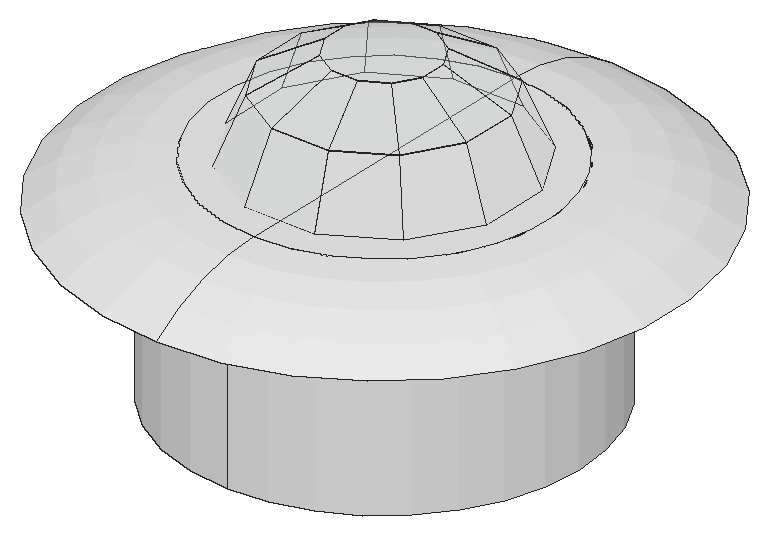
Revit family "Ceiling_Sensor-Low_Voltage_PIR-Hubbell_Wiring-LVPR1500R", category Lighting Devices, host Face, Revit 2015
Parameters (values of type "277V")
  Voltage = 277 V
  URL = "http://www.hubbell-wiring.com/"
  Type Comments = ""
  Time Delay = "Manual 30 seconds to 30 minutes\r"  # constant formula
  Storage Temperature = "-20°F to 150°F (-29°C to 65°C); 0% to 95%\r\nnon-condensing relative humidity"  # constant formula
  Sensitivity = "Manual, 0 to 100%"  # constant formula
  Product data url = "https://bimobject.com/hubbellwiring/product/hubbell-lvpr1500r"
  Product Page URL = "http://ecatalog.hubbell-wiring.com/productinformation/specsheets/3A/Live/PDF/LVPR1500R_cart.pdf"
  Product Documentation Link = "http://ecatalog.hubbell-wiring.com/productinformation/CustomerDrawingLibraryAssets/3A/1/M11072.pdf"
  Power Factor = 1
  PIR Motion [instance] = no
  Operating Temperature = "32°F to 104°F (0°C to 40°C) with rate of change not\r\nexceeding 20°F (11°C) per hour"  # constant formula
  Number of Poles = 1
  Mounting Height [instance] = 180.00"
  Model = "LVPR1500R"  # constant formula
  Manufacturer = "Hubbell Wiring Device-Kellems"  # constant formula
  Load Classification = Lighting
  Keynote = ""
  Glass = Plastic - Hubbell - Polyethylene
  Device Material = Plastic - Hubbell - White
  Description = "Low Profile, Line Voltage Passive Infrared - Adaptive Technology"  # constant formula
  Default Elevation = 48.00"
  Coverage = 360.00°  # constant formula
  Connector Description 2 = "Controls"
  Connector Description 1 = "Power Supply"
  Apparent Load = 1800.000 VA
  Ambient Light = "1 to 1000 foot candles"  # constant formula
Types (3): name | Voltage | Apparent Load
  120V | 120 V | 1000.000 VA
  277V | 277 V | 1800.000 VA
  347V | 347 V | 2200.000 VA
Reference planes (in)
  plane 1 "Center (Front/Back)": y = 0
  plane 2 "Bottom": z = 0
  plane 3 "Center (Left/Right)": x = 0
  plane 4: y = 1.75
  plane 5: y = -1.75
  plane 6: z = 0.25
  plane 7: y = 1
  plane 8: y = -1
  plane 9: z = -1.05
  plane 10: z = 0.83
  plane 11: y = 1.2
  plane 12: y = -1.2
  plane 13: y = 0.8
  plane 14: y = -0.8
  plane 15: z = 0.63
  plane 16: x = -0.8
  plane 17: x = 0.8
Forms (in)
  Revolve 1, solid, material "Plastic - Hubbell - White" <- "Device Material"
    sketch origin (0, 0, 0) x (0, 1, 0) y (0, 0, 1)
      loop
        line (0, 0) -> (1.75, 0)
        arc (1.75, 0) -> (1.39528, 0.18585) -> (1, 0.25) r 1.25
        line (1, 0.25) -> (0, 0.25) -> (0, 0)
      axis (0, 0.25) -> (0, 0)
    angle from 0 to 360
  Revolve 2, solid, material "Plastic - Hubbell - White" <- "Device Material"
    sketch origin (0, 0, 0) x (0, 1, 0) y (0, 0, 1)
      loop
        line (0, 0) -> (-1.2, 0) -> (-1.2, -1.05) -> (0, -1.05) -> (0, 0)
      axis (0, 0) -> (0, -1.05)
    angle from 0 to 360
  Blend 3, solid, material "Plastic - Hubbell - Polyethylene" <- "Glass"
    base sketch origin (0, 57.68752, 0.25) x (0, 1, 0) y (-1, 0, 0)
      loop
        line (-56.88752, 0.21436) -> (-57.10188, 0.58564) -> (-57.47316, 0.8) -> (-57.90188, 0.8) -> (-58.27316, 0.58564) -> (-58.48752, 0.21436) -> (-58.48752, -0.21436) -> (-58.27316, -0.58564) -> (-57.90188, -0.8) -> (-57.47316, -0.8) -> (-57.10188, -0.58564) -> (-56.88752, -0.21436) -> (-56.88752, 0.21436)
    top sketch origin (0, 57.68752, 0.25) x (0, 1, 0) y (-1, 0, 0)
      loop
        line (-57.04146, 0.17311) -> (-57.21457, 0.47295) -> (-57.51441, 0.64606) -> (-57.86063, 0.64606) -> (-58.16047, 0.47295) -> (-58.33358, 0.17311) -> (-58.33358, -0.17311) -> (-58.16047, -0.47295) -> (-57.86063, -0.64606) -> (-57.51441, -0.64606) -> (-57.21457, -0.47295) -> (-57.04146, -0.17311) -> (-57.04146, 0.17311)
    from 0 to 0.38
  Blend 4, solid, material "Plastic - Hubbell - Polyethylene" <- "Glass"
    base sketch origin (0, 57.68752, 0.25) x (0, 1, 0) y (-1, 0, 0)
      loop
        line (-57.04146, -0.17311) -> (-57.04146, 0.17311) -> (-57.21457, 0.47295) -> (-57.51441, 0.64606) -> (-57.86063, 0.64606) -> (-58.16047, 0.47295) -> (-58.33358, 0.17311) -> (-58.33358, -0.17311) -> (-58.16047, -0.47295) -> (-57.86063, -0.64606) -> (-57.51441, -0.64606) -> (-57.21457, -0.47295) -> (-57.04146, -0.17311)
    top sketch origin (0, 57.68752, 0.25) x (0, 1, 0) y (-1, 0, 0)
      loop
        line (-57.38556, 0.08091) -> (-57.46647, 0.22105) -> (-57.60661, 0.30196) -> (-57.76843, 0.30196) -> (-57.90857, 0.22105) -> (-57.98948, 0.08091) -> (-57.98948, -0.08091) -> (-57.90857, -0.22105) -> (-57.76843, -0.30196) -> (-57.60661, -0.30196) -> (-57.46647, -0.22105) -> (-57.38556, -0.08091) -> (-57.38556, 0.08091)
    from 0.38 to 0.58
Lines and regions (in)
  symbolic lines, style "LVPR1500R"
    curve 1: arc (0, -1.75, 0.25) -> (-1.75, 0, 0.25) -> (0, 1.75, 0.25) r 1.75
    curve 2: arc (0, 1.75, 0.25) -> (1.75, 0, 0.25) -> (0, -1.75, 0.25) r 1.75
  symbolic lines, style "LVPR1500R", detail levels medium+fine
    curve 3: line (-0.21436, 0.8, 0.25) -> (-0.58564, 0.58564, 0.25)
    curve 4: line (-0.58564, 0.58564, 0.25) -> (-0.8, 0.21436, 0.25)
    curve 5: line (-0.8, 0.21436, 0.25) -> (-0.8, -0.21436, 0.25)
    curve 6: line (-0.8, -0.21436, 0.25) -> (-0.58564, -0.58564, 0.25)
    curve 7: line (-0.58564, -0.58564, 0.25) -> (-0.21436, -0.8, 0.25)
    curve 8: line (-0.21436, -0.8, 0.25) -> (0.21436, -0.8, 0.25)
    curve 9: line (0.21436, -0.8, 0.25) -> (0.58564, -0.58564, 0.25)
    curve 10: line (0.58564, -0.58564, 0.25) -> (0.8, -0.21436, 0.25)
    curve 11: line (0.8, -0.21436, 0.25) -> (0.8, 0.21436, 0.25)
    curve 12: line (0.8, 0.21436, 0.25) -> (0.58564, 0.58564, 0.25)
    curve 13: line (0.58564, 0.58564, 0.25) -> (0.21436, 0.8, 0.25)
    curve 14: line (0.21436, 0.8, 0.25) -> (-0.21436, 0.8, 0.25)
    curve 15: line (-0.08091, 0.30196, 0.25) -> (-0.22105, 0.22105, 0.25)
    curve 16: line (-0.22105, 0.22105, 0.25) -> (-0.30196, 0.08091, 0.25)
    curve 17: line (-0.30196, 0.08091, 0.25) -> (-0.30196, -0.08091, 0.25)
    curve 18: line (-0.30196, -0.08091, 0.25) -> (-0.22105, -0.22105, 0.25)
    curve 19: line (-0.22105, -0.22105, 0.25) -> (-0.08091, -0.30196, 0.25)
    curve 20: line (-0.08091, -0.30196, 0.25) -> (0.08091, -0.30196, 0.25)
    curve 21: line (0.08091, -0.30196, 0.25) -> (0.22105, -0.22105, 0.25)
    curve 22: line (0.22105, -0.22105, 0.25) -> (0.30196, -0.08091, 0.25)
    curve 23: line (0.30196, -0.08091, 0.25) -> (0.30196, 0.08091, 0.25)
    curve 24: line (0.30196, 0.08091, 0.25) -> (0.22105, 0.22105, 0.25)
    curve 25: line (0.22105, 0.22105, 0.25) -> (0.08091, 0.30196, 0.25)
    curve 26: line (0.08091, 0.30196, 0.25) -> (-0.08091, 0.30196, 0.25)
Dimensions and locks (in)
  equal spacing: plane 4, plane 1 "Center (Front/Back)", plane 5
  plane 4 to plane 5 = 3.50"
  equal spacing: plane 7, plane 1 "Center (Front/Back)", plane 8
  plane 7 to plane 8 = 2.00"
  locked: plane 6 to plane 2 "Bottom" at 0.25
  locked: plane 2 "Bottom" to plane 9 at 1.05
  locked: plane 10 to plane 9 at 1.88
  equal spacing: plane 11, plane 1 "Center (Front/Back)", plane 12
  plane 11 to plane 12 = 2.40"
  locked: plane 1 "Center (Front/Back)" to plane 12 at 1.2
  locked: plane 1 "Center (Front/Back)" to plane 5 at 1.75
  locked: plane 1 "Center (Front/Back)" to plane 8 at 1
  equal spacing: plane 13, plane 1 "Center (Front/Back)", plane 14
  locked: plane 10 to plane 15 at 0.2
  locked: plane 1 "Center (Front/Back)" to plane 14 at 0.8
  equal spacing: plane 16, plane 3 "Center (Left/Right)", plane 17
  locked: plane 16 to plane 3 "Center (Left/Right)" at 0.8
  locked: Blend 3 sketch curve to plane 13 at 0.15394
  locked: plane 16 to Blend 3 sketch curve at 0.15394
  aligned and locked: plane 2 "Bottom" to host face
  aligned and locked: level to host face
  aligned and locked: plane 1 "Center (Front/Back)" to Revolve 1 sketch curve
  aligned and locked: plane 6 to Revolve 1 sketch curve  (x2)
  aligned and locked: Revolve 1 sketch curve to plane 1 "Center (Front/Back)"
  aligned and locked: plane 2 "Bottom" to Revolve 1 sketch curve  (x2)
  aligned and locked: plane 7 to Revolve 1 sketch curve
  aligned and locked: plane 4 to Revolve 1 sketch curve
  aligned and locked: plane 1 "Center (Front/Back)" to Revolve 2 sketch curve
  aligned and locked: Revolve 1 to Revolve 2 sketch curve
  aligned and locked: Revolve 2 sketch curve to plane 1 "Center (Front/Back)"
  aligned and locked: Revolve 2 sketch curve to plane 9
  aligned and locked: plane 12 to Revolve 2 sketch curve
  aligned and locked: Blend 3 sketch curve to plane 13
  aligned and locked: Blend 3 sketch curve to plane 17
  aligned and locked: plane 14 to Blend 3 sketch curve
  aligned and locked: plane 16 to Blend 3 sketch curve
  aligned and locked: plane 15 to Blend 3
  aligned and locked: Blend 4 sketch curve to Blend 3  (x12)
  aligned and locked: Blend 4 to plane 15
  aligned and locked: plane 10 to Blend 4
  aligned and locked: nested 1 to plane 3 "Center (Left/Right)"
  aligned and locked: plane 1 "Center (Front/Back)" to nested 1
  aligned and locked: plane 6 to nested 1
  aligned and locked: curve 1 to Revolve 1
  aligned and locked: curve 2 to Revolve 1
  aligned and locked: Blend 3 to curve 3
  aligned and locked: Blend 3 to curve 4
  aligned and locked: plane 13 to curve 14
  aligned and locked: Blend 3 to curve 13
  aligned and locked: Blend 3 to curve 12
  aligned and locked: Blend 3 to curve 11
  aligned and locked: Blend 3 to curve 10
  aligned and locked: Blend 3 to curve 9
  aligned and locked: Blend 3 to curve 8
  aligned and locked: Blend 3 to curve 7
  aligned and locked: Blend 3 to curve 6
  aligned and locked: Blend 3 to curve 5
  aligned and locked: Blend 4 to curve 26
  aligned and locked: Blend 4 to curve 15
  aligned and locked: Blend 4 to curve 16
  aligned and locked: Blend 4 to curve 17
  aligned and locked: Blend 4 to curve 18
  aligned and locked: Blend 4 to curve 19
  aligned and locked: Blend 4 to curve 20
  aligned and locked: Blend 4 to curve 21
  aligned and locked: Blend 4 to curve 22
  aligned and locked: Blend 4 to curve 23
  aligned and locked: Blend 4 to curve 24
  aligned and locked: Blend 4 to curve 25
  aligned and locked: Blend 3 to plane 6
Automatic sketch dimensions
  host sketch curve to host sketch curve = 96.00"  (x2)
  Revolve 1 sketch curve to Revolve 1 sketch curve = 0.10192"
  Revolve 1 sketch curve to Revolve 1 sketch curve = 3.29499"
  Revolve 2 sketch curve to Revolve 2 sketch curve = 2.37"
  plane 10 to Revolve 2 sketch curve = 1.00"
  Blend 3 sketch curve to plane 14 = 0.21436"  (x2)
  plane 1 "Center (Front/Back)" to Blend 3 sketch curve = 0.21436"  (x2)
  Blend 3 sketch curve to plane 1 "Center (Front/Back)" = 0.21436"  (x2)
  plane 13 to Blend 3 sketch curve = 0.21436"  (x2)
  plane 17 to Blend 3 sketch curve = 0.21436"  (x2)
  plane 3 "Center (Left/Right)" to Blend 3 sketch curve = 0.21436"  (x2)
  Blend 3 sketch curve to plane 3 "Center (Left/Right)" = 0.21436"  (x2)
  Blend 3 sketch curve to plane 16 = 0.21436"  (x2)
  plane 13 to Blend 3 sketch curve = 0.32705"  (x2)
  Blend 3 sketch curve to plane 1 "Center (Front/Back)" = 0.17311"  (x2)
  plane 1 "Center (Front/Back)" to Blend 3 sketch curve = 0.17311"  (x2)
  Blend 3 sketch curve to plane 14 = 0.32705"  (x2)
  Blend 3 sketch curve to plane 14 = 0.15394"
  plane 17 to Blend 3 sketch curve = 0.15394"
  plane 17 to Blend 3 sketch curve = 0.32705"  (x2)
  plane 3 "Center (Left/Right)" to Blend 3 sketch curve = 0.17311"  (x2)
  Blend 3 sketch curve to plane 3 "Center (Left/Right)" = 0.17311"  (x2)
  Blend 3 sketch curve to plane 16 = 0.32705"  (x2)
Nested families (in)
  nested 1: "Field of View" at (0, 0, 0.25), PIR Motion <- "PIR Motion", Mounting Height <- "Mounting Height", type "1500 sq.ft."
    with zz Length 1 180.00", PIR Motion no, Mounting Height 180.00"
Connectors (in)
  electrical at (0, 0, 0), driven by "Number of Poles", driven by "Load Classification", driven by "Voltage", driven by "Apparent Load", driven by "Power Factor", driven by "Connector Description 1"
    settings: on host face, index 1, voltage 277 V, apparent load 1800.000 VA, apparent load phase1 0.000 VA, apparent load phase2 0.000 VA, apparent load phase3 0.000 VA, power factor 1, load classification "Lighting", number of poles 1, system type 30, power factor state 1, is connector primary yes, connector utility no, sub classification motor no, connector description "Power Supply"
  electrical at (0, 0, -1.05), driven by "Connector Description 2"
    settings: on Revolve 2, index 2, voltage 0 V, apparent load 0.000 VA, apparent load phase1 0.000 VA, apparent load phase2 0.000 VA, apparent load phase3 0.000 VA, power factor 1, load classification "Other", number of poles 1, system type 13, power factor state 1, is connector primary no, connector utility no, sub classification motor no, connector description "Controls"
Definition of nested family "Field of View"
  Parameters
    zz Length 1 [instance] = if(Mounting Height < 108.00", 108.00", if(Mounting Height > 180.00", 180.00", Mounting Height))  # 108.00"
    PIR Motion [instance] = yes
    Mounting Height [instance] = 108.00"
  Reference planes (in)
    plane 1 "Center (Front/Back)": y = 0
    plane 2: z = 0
    plane 3 "Center (Left/Right)": x = 0
    plane 4: y = -1.74
    plane 5: y = 1.74
    plane 6: y = -230.38949
    plane 7: y = 230.38949
    plane 8: z = 108
    plane 9: y = 320.10137
    plane 10: y = -320.10137
  Forms (in)
    Revolve 1, solid, visible <- "PIR Motion"
      sketch origin (0, 0, 0) x (1, 0, 0) y (0, 0, 1)
        loop
          line (0, 108) -> (0, 0) -> (0.798, 0) -> (144, 108) -> (0, 108)
        axis (0, 0) -> (0, 108)
      angle from 0 to 360
    Revolve 2, solid, visible <- "PIR Motion"
      sketch origin (0, 0, 0) x (1, 0, 0) y (0, 0, 1)
        loop
          line (0, 0) -> (0.798, 0) -> (240, 108) -> (0, 108) -> (0, 0)
        axis (0, 0) -> (0, 108)
      angle from 0 to 360
  Dimensions and locks (in)
    equal spacing: plane 5, plane 1 "Center (Front/Back)", plane 4
    plane 4 to plane 1 "Center (Front/Back)" = 1.74"
    equal spacing: plane 6, plane 1 "Center (Front/Back)", plane 7
    "zz Length 1": plane 8 to plane 2
    plane 6 to plane 7 = 460.77899"
    plane 1 "Center (Front/Back)" to plane 7 = 230.38949"
    equal spacing: plane 10, plane 1 "Center (Front/Back)", plane 9
    plane 1 "Center (Front/Back)" to plane 9 = 320.10137"
    locked: Revolve 1 sketch curve to Revolve 1 sketch curve (angle 52.9772°)
    locked: Revolve 2 sketch curve to Revolve 2 sketch curve (angle 65.7008°)
    aligned and locked: plane 2 to level
    aligned and locked: Revolve 1 sketch curve to plane 3 "Center (Left/Right)"
    aligned and locked: Revolve 1 sketch curve to plane 8
    aligned and locked: Revolve 1 sketch curve to plane 2
    aligned and locked: plane 2 to Revolve 2 sketch curve
    aligned and locked: plane 3 "Center (Left/Right)" to Revolve 2 sketch curve  (x2)
    aligned and locked: Revolve 2 sketch curve to Revolve 1
  Automatic sketch dimensions
    Revolve 1 sketch curve to plane 3 "Center (Left/Right)" = 0.00"
    Revolve 1 sketch curve to Revolve 1 sketch curve = 0.798"
    Revolve 1 sketch curve to Revolve 1 sketch curve = 8.00"
    Revolve 1 sketch curve to Revolve 1 sketch curve = 4.00"
    Revolve 2 sketch curve to Revolve 2 sketch curve = 0.798"
    Revolve 2 sketch curve to level = 16.00"
    Revolve 2 sketch curve to Revolve 2 sketch curve = 20.00"
